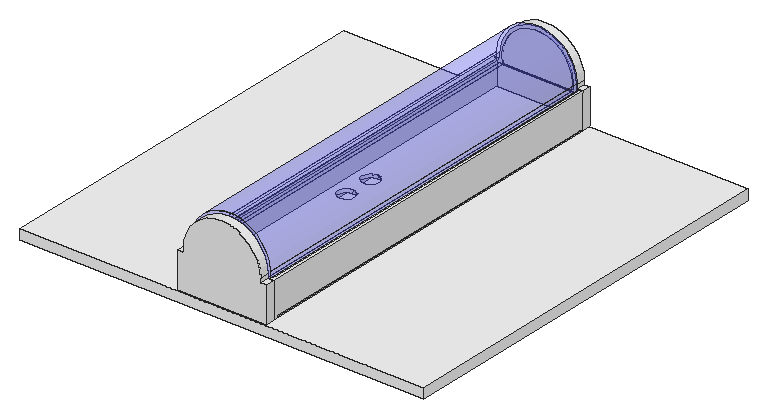
Revit family "BE_67682.1_de_DE", category Leuchten, Revit 2015
Parameters (values of type "BEGA_67682.1_K4")
  built-in parameter 1150104 = 13.462 (stored number, unit not read)
  Wattage = 9.8 W
  Default Elevation = 0 mm
  built-in parameter 1150113 = 1 (stored number, unit not read)
  built-in parameter 1114218 = 1 (stored number, unit not read)
  Umgebungstemperatur = "25 °C"
  URL = "http://www.bega.de/produkt/67682.1"
  Typenkommentare = "© 2017 BEGA. Wir behalten uns das Recht vor, technische Änderungen ohne vorherige Ankündigung vorzunehmen."  # constant formula
  built-in parameter 1150134 = 12
  built-in parameter 1150109 = 1 (stored number, unit not read)
  Strom = ""
  built-in parameter 1150110 = 1 (stored number, unit not read)
  Spannung = 239.996 V
  Sonderanfertigung = no
  Seriennummer [instance] = "Hier können Sie die eindeutige Seriennummer für das Facility Management eintragen."
  Schutzklasse = "I"
  Schutzart = "IP 44"
  Scheinlast = 0 VA
  Produktdatenblatt = "http://www.bega.de/download/Xrfa/db/67682.1.db.de.pdf"
  Oberflächentemperatur = ""
  Neigungswinkel = 0.00°
  Modell = "67682.1K4"
  Material_17 = BEGA_Reflektor
  Material_15 = BEGA_Leuchtmedium_matt
  Material_11 = BEGA_Glas_opal
  Material_09 = BEGA_Glas_klar
  Material_06 = BEGA_Oberfläche_Edelstahl_gebürstet
  Material_05 = BEGA_Oberfläche_Aluminium Guss
  Material_03 = BEGA_Oberfläche_Weiss_matt
  Material_02 = BEGA_Oberfläche_Silber_matt
  Material_01 [instance] = BEGA_Oberfläche_Grafit_matt
  M_W = no
  M_G = no
  M_A = no
  Logo = 0
  built-in parameter 1114217 = 1 (stored number, unit not read)
  built-in parameter 1150139 = (empty or 0)
  built-in parameter 1150105 = 113 (stored number, unit not read)
  built-in parameter 1150114 = 1 (stored number, unit not read)
  Lumens = 1420.02 lm
  built-in parameter 1150115 = 1 (stored number, unit not read)
  Leuchtenlichtstrom = "873 lm"
  Leuchtenanzahl = ""
  Lebensdauerkriterien = "L70B50 @ 25 °C = 95000 h"
  Lastklassifizierung = Beleuchtung
  built-in parameter 1150112 = 1 (stored number, unit not read)
  Lampenlichtstrom = "1420 lm"
  Lampe = "LED 9.8 W"
  LED_Modulbezeichnung = "2x LED-0551/840"
  Hersteller = "BEGA"  # constant formula
  Halbstreuwinkel = ""
  Gewicht = "1.7 kg"
  Gebrauchslageneinschränkung [instance] = ""
  Frequenz = "0/50-60 Hz"
  Farbwiedergabeindex = "Ra > 80"
  Farbtemperaturverschiebung bei Dämpfen der Lampe = <Keine Auswahl>
  Farbtemperatur = "4000 K"
  Color Filter = 16777215
  built-in parameter 1150133 = 10 (stored number, unit not read)
  Energieeffizienzklasse = "LED A++ - A"
  built-in parameter 1150137 = (empty or 0)
  built-in parameter 1150132 = (empty or 0)
  ENEC = ""
  Dimmbar [instance] = "1-10 V SELV"
  Datei für fotometrisches Netz = "BE_67682K4.IES"
  CE_Konformität = "ja"
  Bestellnummer = "67682.1K4"
  Beschreibung_Sonderanfertigung = "Hier können Sie Informationen zur Sonderanfertigung eintragen."
  Beschreibung = "Wandleuchte"
  built-in parameter 1150106 = 1.13 (stored number, unit not read)
  Befestigungsbohrung = "Ø 5,5 mm"
  Befestigungsabstand = "340 x 56 mm"
  Ballwurfsicher = ""
  BEGA_Intern_aus = yes
  BEGA_Intern_an = yes
  BEGA_Intern_Konstruktion = yes
  BEGA_Intern = yes
  BEGA_IES = yes
  BEGA_Dummy = no
  Anschlussleitung = ""
  Anschlussleistung [instance] = "12.4 W"
  Anschlusskasten = ""
  built-in parameter 1150107 = 4000 (stored number, unit not read)
  built-in parameter 1150102 = (empty or 0)
  built-in parameter 1150138 = (empty or 0)
  Aktualisierung = "2017-09-29T04:10:01"
  Abstand_zur_angestrahlten_Fläche [instance] = ""
  AC/DC = "AC/DC"
Types (2, lengths in mm): name | built-in parameter 1150104 | built-in parameter 1150134 | Modell | built-in parameter 1150105 | Lumens | Leuchtenlichtstrom | Lampenlichtstrom | LED_Modulbezeichnung | Farbtemperatur | Datei für fotometrisches Netz | Bestellnummer | built-in parameter 1150106 | built-in parameter 1150107
  BEGA_67682.1_K4 | 13.462 (stored number, unit not read) | 12 | "67682.1K4" | 113 (stored number, unit not read) | 1420.02 lm | "873 lm" | "1420 lm" | "2x LED-0551/840" | "4000 K" | "BE_67682K4.IES" | "67682.1K4" | 1.13 (stored number, unit not read) | 4000 (stored number, unit not read)
  BEGA_67682.1_K3 | 12.607 (stored number, unit not read) | (empty or 0) | "67682.1" | 105.83 (stored number, unit not read) | 1329.86 lm | "818 lm" | "1330 lm" | "2x LED-0551/830" | "3000 K" | "BE_67682.IES" | "67682.1" | 1.0583 (stored number, unit not read) | 3000 (stored number, unit not read)
Reference planes
  plane 1 "Mitte (Vorne/Hinten)": y = 0
  plane 2: z = 0
  plane 3 "Mitte (Links/Rechts)": x = 0
  plane 4 "Links": x = -44
  plane 5 "Rechts": x = 44
  plane 6 "Unten": y = -200.1
  plane 7 "Oben": y = 200.1
  plane 8 "Vorne": z = 79.5
  plane 9 "Hinten": z = 0
Forms (mm)
  Extrusion 1, solid, material "BEGA_Platte_Weiss"
    sketch origin (0, -1119.2, 0) x (1, 0, 0) y (0, 1, 0)
      loop
        line (-200, 1319.2) -> (-200, 919.2) -> (200, 919.2) -> (200, 1319.2) -> (-200, 1319.2)
    from 0 to -10
  Extrusion 2, solid, material "BEGA_Dummy_matt", visible <- "BEGA_Dummy"
    sketch origin (80.095, -76.023, 0) x (1, 0, 0) y (0, 1, 0)
      loop
        line (-124.095, 276.023) -> (-124.095, -124.077) -> (-36.095, -124.077) -> (-36.095, 276.023) -> (-124.095, 276.023)
    from 0 to 79.5
Dimensions and locks
  plane 1 "Mitte (Vorne/Hinten)" to Extrusion 1 = 200 mm
  aligned and locked: plane 2 to Extrusion 1
  aligned and locked: level to Extrusion 1
Nested families
  nested 1: "BE_67682.1" at (0, 0, 0) x (0, 1, 0) z (0, 0, 1), type "BE_67682.1"
Connectors
  electrical at (0, 0, 0), driven by "Lastklassifizierung", driven by "Spannung", driven by "Scheinlast"
    settings: index 1, voltage 239.996 V, apparent load 0 VA, apparent load phase1 0 VA, apparent load phase2 0 VA, apparent load phase3 0 VA, power factor 1, load classification "Beleuchtung", number of poles 1, system type 31, power factor state 1, is connector primary yes, connector utility no, sub classification motor no, connector description ""
Definition of nested family "BE_67682.1"
  Parameters (values of type "BE_67682.1")
    Default Elevation = 1 mm
    URL = "http://www.bega.de/de/produkt"
    Type Comments = "© 2015 BEGA. Wir behalten uns das Recht vor, technische Änderungen ohne vorherige Ankündigung vorzunehmen. "  # constant formula
    Type Image = (empty or 0)
    Neigungswinkel_um_Z2 = 0.00°
    Neigungswinkel_um_Z1 = 0.00°
    Neigungswinkel_um_Y2 = 0.00°
    Neigungswinkel_um_Y1 = 0.00°
    Neigungswinkel_um_X2 = 0.00°
    Neigungswinkel_um_X1 = 0.00°
    Material_17 = none
    Material_15 = none
    Material_11 = none
    Material_09 = none
    Material_06 = none
    Material_05 = none
    Material_03 = none
    Material_02 = none
    Material_01 = none
    M_W = yes
    M_G = yes
    M_A = yes
    Länge_Platte = 600 mm  # constant formula
    Höhe_Platte = -10 mm  # constant formula
    Manufacturer = "BEGA"  # constant formula
    Drehwinkel_um_Z2 = 0.00°
    Drehwinkel_um_Z1 = 0.00°
    Breite_Platte = 200 mm  # constant formula
  Reference planes
    plane 1 "Mitte (Oben/Unten)": y = 0
    plane 2: z = 0
    plane 3 "Mitte (Links/Rechts)": x = 0
    plane 4: x = -200.1
    plane 5: z = 79.5
    plane 6: x = 200.1
    plane 7: y = 44
    plane 8: y = -44
  Forms (mm)
    Extrusion 1, solid, detail levels medium
      sketch origin (0, 0, 0) x (1, 0, 0) y (0, 1, 0)
        loop
          line (-300, 100) -> (-300, -100) -> (300, -100) -> (300, 100) -> (-300, 100)
      from 0 to -10 <- "Höhe_Platte"
    Extrusion 2, solid, material <- "Material_03", detail levels medium+fine
      sketch origin (0, 0, 0) x (0, 1, 0) y (0, 0, 1)
        loop
          line (44, 36) -> (40.5, 36) -> (40.5, 33.852) -> (41.2, 33.5) -> (41.2, 10.8) -> (-21, 10.8) -> (-21, 4.883) -> (-21.995, 3.8) -> (-41.2, 3.8) -> (-41.2, 33.5) -> (-40.5, 33.852) -> (-40.5, 36) -> (-44, 36) -> (-44, 0.988)
          arc (-44, 0.988) -> (-42.633, 0.79) -> (-41.5, 0) r 3
          line (-41.5, 0) -> (-38.5, 0) -> (-38.5, 1) -> (-20.84, 1) -> (-18.559, 3.282) -> (-18.559, 8) -> (41.2, 8) -> (41.2, 3.8) -> (38.5, 3.8) -> (38.5, 0) -> (41.5, 0)
          arc (41.5, 0) -> (42.633, 0.79) -> (44, 0.988) r 3
          line (44, 0.988) -> (44, 36)
      from -191.1 to 191.1
    Extrusion 3, void
      sketch origin (0, 0, 0) x (1, 0, 0) y (0, 1, 0)
        loop
          circle (-15, 25) r 8.5
        loop
          circle (15, 25) r 8.5
        loop
          circle (-170, 28) r 2.75
        loop
          circle (170, -28) r 2.75
      from 0 to 13
    Extrusion 4, solid, material <- "Material_03", detail levels medium+fine
      sketch origin (0, 0, 0) x (0, 1, 0) y (0, 0, 1)
        loop
          line (-38, 39.479) -> (-38.075, 36) -> (-44, 36) -> (-44, 0.988) -> (44, 0.988) -> (44, 36) -> (38.075, 36) -> (38, 39.479)
          arc (38, 39.479) -> (0, 77.5) -> (-38, 39.479) r 38
      from -200.1 to -191.1
    Extrusion 5, solid, material <- "Material_03", detail levels medium+fine
      sketch origin (0, 0, 0) x (0, 1, 0) y (0, 0, -1)
        loop
          arc (-38, -39.479) -> (0, -77.5) -> (38, -39.479) r 38
          line (38, -39.479) -> (38.075, -36) -> (44, -36) -> (44, -0.988) -> (-44, -0.988) -> (-44, -36) -> (-38.075, -36) -> (-38, -39.479)
      from -200.1 to -191.1
    Extrusion 6, solid, material <- "Material_11", detail levels medium+fine
      sketch origin (0, 0, 0) x (0, 1, 0) y (0, 0, 1)
        loop
          line (40.078, 35.902) -> (39.917, 42.08)
          arc (39.917, 42.08) -> (0, 79.5) -> (-39.917, 42.08) r 40
          line (-39.917, 42.08) -> (-40.078, 35.902)
          arc (-40.078, 35.902) -> (-39.303, 33.81) -> (-37.297, 32.831) r 3
          line (-37.297, 32.831) -> (-34.021, 32.602) -> (34.021, 32.602) -> (37.297, 32.831)
          arc (37.297, 32.831) -> (39.303, 33.81) -> (40.078, 35.902) r 3
      from -189.75 to 189.75
    Extrusion 7, solid, material <- "Material_11", detail levels medium+fine
      sketch origin (0, 0, 0) x (0, 1, 0) y (0, 0, 1)
        loop
          arc (34.489, 33.543) -> (0, 74.5) -> (-34.489, 33.543) r 35
          line (-34.489, 33.543) -> (34.489, 33.543)
      from 187.75 to 191.69
    Extrusion 8, solid, material <- "Material_11", detail levels medium+fine
      sketch origin (0, 0, 0) x (0, 1, 0) y (0, 0, -1)
        loop
          line (34.489, -33.543) -> (-34.489, -33.543)
          arc (-34.489, -33.543) -> (0, -74.5) -> (34.489, -33.543) r 35
      from 187.75 to 191.711
    Revolve 9, void
      sketch origin (0, 0, 0) x (1, 0, 0) y (0, 0, 1)
        loop
          line (200.831, 23.931) -> (197.5, 20.6) -> (197.5, 18) -> (200.831, 18) -> (200.831, 23.931)
        axis (197.5, 18) -> (200.831, 18)
      angle from 0 to 360
    Revolve 10, solid, material <- "Material_06", detail levels fine
      sketch origin (0, 0, 0) x (1, 0, 0) y (0, 0, 1)
        loop
          arc (200.777, 18) -> (200.479, 20.423) -> (199.602, 22.702) r 10
          line (199.602, 22.702) -> (197.5, 20.6) -> (197.5, 18) -> (200.777, 18)
        axis (197.5, 18) -> (200.777, 18)
      angle from 0 to 360
  Cuts and joins
    Extrusion 3 cuts Extrusion 2
    joined: Extrusion 6, Extrusion 7, Extrusion 8
    Revolve 9 cuts Extrusion 4
    Revolve 9 cuts Extrusion 5
    joined: Extrusion 4, Extrusion 5
  Dimensions and locks
    equal spacing: Extrusion 1 sketch curve, plane 3 "Mitte (Links/Rechts)", Extrusion 1 sketch curve
    equal spacing: Extrusion 1 sketch curve, plane 1 "Mitte (Oben/Unten)", Extrusion 1 sketch curve
    "Länge_Platte": Extrusion 1 sketch curve to Extrusion 1 sketch curve
    "Breite_Platte": Extrusion 1 sketch curve to Extrusion 1 sketch curve
    aligned and locked: Extrusion 1 to plane 2
    aligned and locked: level to Extrusion 1
  Automatic sketch dimensions
    Extrusion 2 sketch curve to level = 0 mm  (x2)
    plane 1 "Mitte (Oben/Unten)" to Extrusion 2 sketch curve = 44 mm
    Extrusion 2 sketch curve to Extrusion 2 sketch curve = 0.264 mm
    Extrusion 2 sketch curve to Extrusion 2 sketch curve = 2.5 mm  (x3)
    Extrusion 2 sketch curve to Extrusion 2 sketch curve = 0.3 mm
    Extrusion 2 sketch curve to Extrusion 2 sketch curve = 0.7 mm
    level to Extrusion 2 sketch curve = 1 mm
    Extrusion 2 sketch curve to Extrusion 2 sketch curve = 3 mm  (x2)
    level to Extrusion 2 sketch curve = 3.8 mm  (x2)
    Extrusion 2 sketch curve to Extrusion 2 sketch curve = 16.505 mm
    Extrusion 2 sketch curve to Extrusion 2 sketch curve = 0.995 mm
    Extrusion 2 sketch curve to Extrusion 2 sketch curve = 1.155 mm
    Extrusion 2 sketch curve to Extrusion 2 sketch curve = 2.441 mm
    Extrusion 2 sketch curve to plane 1 "Mitte (Oben/Unten)" = 38.5 mm
    Extrusion 2 sketch curve to Extrusion 2 sketch curve = 2 mm
    Extrusion 2 sketch curve to Extrusion 2 sketch curve = 2.7 mm  (x2)
    Extrusion 2 sketch curve to Extrusion 2 sketch curve = 2.236 mm
    Extrusion 2 sketch curve to level = 2 mm  (x2)
    Extrusion 2 sketch curve to Extrusion 2 sketch curve = 2.282 mm
    Extrusion 2 sketch curve to Extrusion 2 sketch curve = 1.083 mm
    Extrusion 2 sketch curve to Extrusion 2 sketch curve = 4.2 mm
    Extrusion 2 sketch curve to Extrusion 2 sketch curve = 2.8 mm
    Extrusion 2 sketch curve to Extrusion 2 sketch curve = 29.7 mm
    Extrusion 2 sketch curve to Extrusion 2 sketch curve = 22.7 mm
    Extrusion 2 sketch curve to Extrusion 2 sketch curve = 0.352 mm  (x2)
    Extrusion 2 sketch curve to Extrusion 2 sketch curve = 2.148 mm
    Extrusion 3 sketch curve to plane 3 "Mitte (Links/Rechts)" = 15 mm
    plane 3 "Mitte (Links/Rechts)" to Extrusion 3 sketch curve = 15 mm
    plane 1 "Mitte (Oben/Unten)" to Extrusion 3 sketch curve = 28 mm
    Extrusion 3 sketch curve to plane 1 "Mitte (Oben/Unten)" = 25 mm  (x2)
    Extrusion 3 sketch curve to plane 1 "Mitte (Oben/Unten)" = 28 mm
    Extrusion 4 sketch curve to plane 1 "Mitte (Oben/Unten)" = 0 mm
    plane 1 "Mitte (Oben/Unten)" to Extrusion 4 sketch curve = 38 mm
    Extrusion 4 sketch curve to Extrusion 4 sketch curve = 0.075 mm  (x2)
    level to Extrusion 4 sketch curve = 0.988 mm
    Extrusion 4 sketch curve to Extrusion 4 sketch curve = 5.925 mm  (x2)
    Extrusion 4 sketch curve to plane 1 "Mitte (Oben/Unten)" = 38 mm
    Extrusion 4 sketch curve to Extrusion 4 sketch curve = 35.012 mm  (x2)
    Extrusion 4 sketch curve to Extrusion 4 sketch curve = 3.479 mm
    Extrusion 4 sketch curve to Extrusion 4 sketch curve = 0.021 mm
    Extrusion 5 sketch curve to plane 1 "Mitte (Oben/Unten)" = 0 mm
    plane 1 "Mitte (Oben/Unten)" to Extrusion 5 sketch curve = 38 mm
    Extrusion 5 sketch curve to Extrusion 5 sketch curve = 0.075 mm  (x2)
    level to Extrusion 5 sketch curve = 0.988 mm
    Extrusion 5 sketch curve to Extrusion 5 sketch curve = 5.925 mm  (x2)
    Extrusion 5 sketch curve to plane 1 "Mitte (Oben/Unten)" = 38 mm
    Extrusion 5 sketch curve to Extrusion 5 sketch curve = 35.012 mm  (x2)
    Extrusion 5 sketch curve to Extrusion 5 sketch curve = 3.479 mm
    Extrusion 5 sketch curve to Extrusion 5 sketch curve = 0.021 mm
    Extrusion 6 sketch curve to plane 1 "Mitte (Oben/Unten)" = 0 mm
    plane 1 "Mitte (Oben/Unten)" to Extrusion 6 sketch curve = 34.021 mm
    Extrusion 6 sketch curve to Extrusion 6 sketch curve = 3.058 mm  (x2)
    Extrusion 6 sketch curve to Extrusion 6 sketch curve = 0.219 mm  (x2)
    Extrusion 6 sketch curve to Extrusion 6 sketch curve = 2.999 mm  (x2)
    Extrusion 6 sketch curve to plane 1 "Mitte (Oben/Unten)" = 34.021 mm
    Extrusion 6 sketch curve to Extrusion 6 sketch curve = 2.838 mm
    level to Extrusion 6 sketch curve = 32.602 mm
    Extrusion 6 sketch curve to Extrusion 6 sketch curve = 0.229 mm  (x2)
    Extrusion 6 sketch curve to Extrusion 6 sketch curve = 2.992 mm  (x2)
    Extrusion 6 sketch curve to Extrusion 6 sketch curve = 6.898 mm
    Extrusion 6 sketch curve to Extrusion 6 sketch curve = 6.179 mm
    Extrusion 6 sketch curve to Extrusion 6 sketch curve = 0.161 mm
    Extrusion 6 sketch curve to Extrusion 6 sketch curve = 0 mm
    Extrusion 7 sketch curve to plane 1 "Mitte (Oben/Unten)" = 0 mm
    plane 1 "Mitte (Oben/Unten)" to Extrusion 7 sketch curve = 34.489 mm
    level to Extrusion 7 sketch curve = 33.543 mm
    Extrusion 7 sketch curve to Extrusion 7 sketch curve = 5.957 mm
    Extrusion 8 sketch curve to plane 1 "Mitte (Oben/Unten)" = 0 mm
    plane 1 "Mitte (Oben/Unten)" to Extrusion 8 sketch curve = 34.489 mm
    level to Extrusion 8 sketch curve = 39.5 mm
    level to Extrusion 8 sketch curve = 33.543 mm
    level to Revolve 9 sketch curve = 20.6 mm
    Revolve 9 sketch curve to Revolve 9 sketch curve = 3.331 mm  (x2)
    Revolve 9 sketch curve to Revolve 9 sketch curve = 2.6 mm
    Revolve 9 sketch curve to Revolve 9 sketch curve = 0 mm  (x2)
    Revolve 9 sketch curve to Revolve 9 sketch curve = 0.661 mm
    level to Revolve 10 sketch curve = 18 mm
    Revolve 10 sketch curve to Revolve 10 sketch curve = 6.723 mm
    level to Revolve 10 sketch curve = 22.702 mm
    Revolve 10 sketch curve to Revolve 10 sketch curve = 2.102 mm
    Revolve 10 sketch curve to Revolve 10 sketch curve = 2.6 mm
    Revolve 10 sketch curve to Revolve 10 sketch curve = 0 mm  (x3)
    Extrusion 3 sketch curve to Extrusion 3 sketch curve = 155 mm  (x2)
    plane 3 "Mitte (Links/Rechts)" to Revolve 9 sketch curve = 197.5 mm
    plane 3 "Mitte (Links/Rechts)" to Revolve 10 sketch curve = 190.777 mm
    radius of Extrusion 3 sketch curve = 8.5 mm  (x2)
    radius of Extrusion 3 sketch curve = 2.75 mm  (x2)
